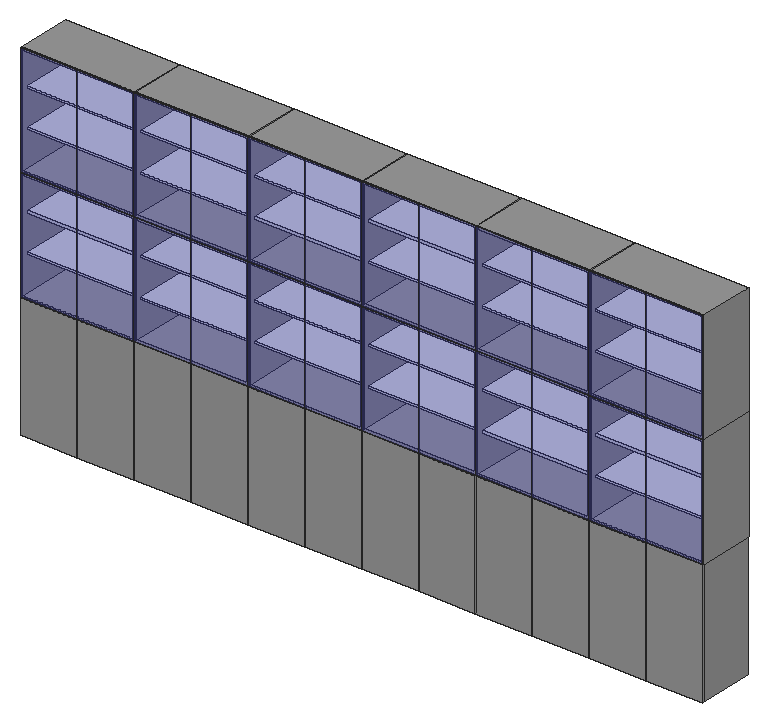
Revit family "АВЛН_Модульный шкаф", category Мебель, Revit 2019
Family settings
  Номер OmniClass = 23.40.20.00
  Заголовок OmniClass = General Furniture and Specialties
  На основе рабочей плоскости = Нет
  Всегда вертикально = Да
  При загрузке вырезать с полостями = Нет
  Общий = Нет
  Точка расчета площади = Нет
Parameters (values of type "Модульный шкаф трехярусный 5292х430х2689мм")
  Трех ярусный = yes
  Описание = "Модульный шкаф трехярусный; габ.\r\n5292х430х2689мм:\r\nсекция верхняя остекленная; габ. 880х430х865мм.-10\r\nшт.\r\nсекция верхняя закрытая; габ. 880х430х865мм.-2 шт.\r\nсекция нижняя для таблиц; габ. 880х430х955мм.-2 шт\r\nсекция нижняя с ящиками; габ. 880х430х955мм.-1\r\nшт.\r\nсекция нижняя закрытая; габ. 880х430х955мм -3 шт."
  Type Comments = ""
  Keynote = ""
  Изготовитель = "УП «СВ КЛАСС»"
  Группа модели = "Оборудование основных помещений школы"  # constant formula
  ADSK_Размер_Ширина = 430 mm
  ADSK_Размер_Длина = 5280 mm
  ADSK_Размер_Высота = 2689 mm
  ADSK_Обозначение = "ГОСТ 18666-95"
  ADSK_Масса = 0
  ADSK_Код изделия = ""
  ADSK_Единица измерения = "компл."
Types (3, lengths in mm): name | Трех ярусный | Описание | ADSK_Размер_Длина | ADSK_Размер_Высота
  (no name) | yes | "Модульный шкаф трехярусный; габ.\r\n5292х430х2689мм:\r\nсекция верхняя остекленная; габ. 880х430х865мм.-10\r\nшт.\r\nсекция верхняя закрытая; габ. 880х430х865мм.-2 шт.\r\nсекция нижняя для таблиц; габ. 880х430х955мм.-2 шт\r\nсекция нижняя с ящиками; габ. 880х430х955мм.-1\r\nшт.\r\nсекция нижняя закрытая; габ. 880х430х955мм -3 шт." | 5280 | 2689
  Модульный шкаф трехярусный 5292х430х2689мм | yes | "Модульный шкаф трехярусный; габ.\r\n5292х430х2689мм:\r\nсекция верхняя остекленная; габ. 880х430х865мм.-10\r\nшт.\r\nсекция верхняя закрытая; габ. 880х430х865мм.-2 шт.\r\nсекция нижняя для таблиц; габ. 880х430х955мм.-2 шт\r\nсекция нижняя с ящиками; габ. 880х430х955мм.-1\r\nшт.\r\nсекция нижняя закрытая; габ. 880х430х955мм -3 шт." | 5280 | 2689
  Модульный шкаф двухярусный габ.2640х430х1824мм | no | "Модульный шкаф двухярусный; габ.\r\n2640х430х1824мм:\r\nсекция верхняя остекленная; габ. 880х430х865мм.-1\r\nшт.\r\nсекция верхняя закрытая; габ. 880х430х865мм.-2 шт.\r\nсекция нижняя для таблиц; габ. 880х430х955мм.-1\r\nшт.\r\nсекция нижняя с ящиками; габ. 880х430х955мм.-1\r\nшт.\r\nсекция нижняя закрытая; габ. 880х430х955мм -1 шт." | 2640 | 1824
Reference planes
  plane 1 "По центру (Вперед/Назад)": y = 0
  plane 2: z = 0
  plane 3 "По центру (Влево/Вправо)": x = 0
  plane 4: z = 2689
  plane 5: y = 215
  plane 6: x = 2640
  plane 7: x = -2640
  plane 8: y = -215
Dimensions and locks
  plane 2 to plane 4 = 2689 mm
  equal spacing: plane 8, plane 1 "По центру (Вперед/Назад)", plane 5
  equal spacing: plane 7, plane 3 "По центру (Влево/Вправо)", plane 6
  "ADSK_Размер_Длина": plane 7 to plane 6
  "ADSK_Размер_Ширина": plane 5 to plane 8
  "ADSK_Размер_Высота": plane 2 to plane 4
  aligned and locked: level to plane 2
  aligned and locked: plane 5 to nested 1
  aligned and locked: nested 1 to plane 7
  aligned and locked: nested 2 to level
  aligned and locked: nested 2 to nested 1
  aligned and locked: nested 3 to level
  aligned and locked: nested 3 to nested 2
  aligned and locked: nested 4 to level
  aligned and locked: nested 4 to nested 3
  aligned and locked: nested 5 to level
  aligned and locked: nested 5 to nested 4
  aligned and locked: level to nested 6
  aligned and locked: nested 6 to nested 5
  aligned and locked: plane 5 to nested 2
  aligned and locked: plane 5 to nested 3
  aligned and locked: nested 4 to plane 5
  aligned and locked: nested 5 to plane 5
  aligned and locked: nested 6 to plane 5
  aligned and locked: nested 8 to nested 7
  aligned and locked: nested 9 to nested 8
  aligned and locked: nested 10 to nested 9
  aligned and locked: nested 11 to nested 10
  aligned and locked: nested 12 to nested 11
  aligned and locked: nested 6 to nested 12
  aligned and locked: nested 11 to nested 5
  aligned and locked: nested 10 to nested 4
  aligned and locked: nested 7 to nested 1
  aligned and locked: nested 9 to nested 3
  aligned and locked: nested 2 to nested 8
  aligned and locked: nested 14 to nested 13
  aligned and locked: nested 15 to nested 14
  aligned and locked: nested 16 to nested 15
  aligned and locked: nested 17 to nested 16
  aligned and locked: nested 18 to nested 17
  aligned and locked: nested 18 to nested 12
  aligned and locked: nested 17 to nested 11
  aligned and locked: nested 16 to nested 10
  aligned and locked: nested 15 to nested 9
  aligned and locked: nested 14 to nested 8
  aligned and locked: nested 13 to nested 7
  aligned and locked: nested 7 to plane 7
  aligned and locked: nested 13 to plane 7
Nested families
  nested 1: "Шкафы" at (-2200, 0, 0) x (-1, 0, 0) z (0, 0, 1), type "Шкафы"
    with М.основы Деревянная обшивка, ДСП, М.дверей Деревянная обшивка, ДСП, ADSK_Размер_Ширина 430 mm, ADSK_Размер_Длина 880 mm, ADSK_Размер_Высота 955 mm
  nested 2: "Шкафы" at (-1320, 0, 0) x (-1, 0, 0) z (0, 0, 1), type "Шкафы"
    with М.основы Деревянная обшивка, ДСП, М.дверей Деревянная обшивка, ДСП, ADSK_Размер_Ширина 430 mm, ADSK_Размер_Длина 880 mm, ADSK_Размер_Высота 955 mm
  nested 3: "Шкафы" at (-440, 0, 0) x (-1, 0, 0) z (0, 0, 1), type "Шкафы"
    with М.основы Деревянная обшивка, ДСП, М.дверей Деревянная обшивка, ДСП, ADSK_Размер_Ширина 430 mm, ADSK_Размер_Длина 880 mm, ADSK_Размер_Высота 955 mm
  nested 4: "Шкафы" at (440, 0, 0) x (-1, 0, 0) z (0, 0, 1), visible <- "Трех ярусный", type "Шкафы"
    with М.основы Деревянная обшивка, ДСП, М.дверей Деревянная обшивка, ДСП, ADSK_Размер_Ширина 430 mm, ADSK_Размер_Длина 880 mm, ADSK_Размер_Высота 955 mm
  nested 5: "Шкафы" at (1320, 0, 0) x (-1, 0, 0) z (0, 0, 1), visible <- "Трех ярусный", type "Шкафы"
    with М.основы Деревянная обшивка, ДСП, М.дверей Деревянная обшивка, ДСП, ADSK_Размер_Ширина 430 mm, ADSK_Размер_Длина 880 mm, ADSK_Размер_Высота 955 mm
  nested 6: "Шкафы" at (2200, 0, 0) x (-1, 0, 0) z (0, 0, 1), visible <- "Трех ярусный", type "Шкафы"
    with М.основы Деревянная обшивка, ДСП, М.дверей Деревянная обшивка, ДСП, ADSK_Размер_Ширина 430 mm, ADSK_Размер_Длина 880 mm, ADSK_Размер_Высота 955 mm
  nested 7: "Шкафы" at (-2200, 0, 955) x (-1, 0, 0) z (0, 0, 1), type "Шкафы"
    with Полки видимость yes, М.основы Деревянная обшивка, ДСП, М.дверей Стекло, Дверцы yes, ADSK_Размер_Ширина 430 mm, ADSK_Размер_Длина 880 mm, ADSK_Размер_Высота 865 mm, 2 отделения no
  nested 8: "Шкафы" at (-1320, 0, 955) x (-1, 0, 0) z (0, 0, 1), type "Шкафы"
    with Полки видимость yes, М.основы Деревянная обшивка, ДСП, М.дверей Стекло, Дверцы yes, ADSK_Размер_Ширина 430 mm, ADSK_Размер_Длина 880 mm, ADSK_Размер_Высота 865 mm, 2 отделения no
  nested 9: "Шкафы" at (-440, 0, 955) x (-1, 0, 0) z (0, 0, 1), type "Шкафы"
    with Полки видимость yes, М.основы Деревянная обшивка, ДСП, М.дверей Стекло, Дверцы yes, ADSK_Размер_Ширина 430 mm, ADSK_Размер_Длина 880 mm, ADSK_Размер_Высота 865 mm, 2 отделения no
  nested 10: "Шкафы" at (440, 0, 955) x (-1, 0, 0) z (0, 0, 1), visible <- "Трех ярусный", type "Шкафы"
    with Полки видимость yes, М.основы Деревянная обшивка, ДСП, М.дверей Стекло, Дверцы yes, ADSK_Размер_Ширина 430 mm, ADSK_Размер_Длина 880 mm, ADSK_Размер_Высота 865 mm, 2 отделения no
  nested 11: "Шкафы" at (1320, 0, 955) x (-1, 0, 0) z (0, 0, 1), visible <- "Трех ярусный", type "Шкафы"
    with Полки видимость yes, М.основы Деревянная обшивка, ДСП, М.дверей Стекло, Дверцы yes, ADSK_Размер_Ширина 430 mm, ADSK_Размер_Длина 880 mm, ADSK_Размер_Высота 865 mm, 2 отделения no
  nested 12: "Шкафы" at (2200, 0, 955) x (-1, 0, 0) z (0, 0, 1), visible <- "Трех ярусный", type "Шкафы"
    with Полки видимость yes, М.основы Деревянная обшивка, ДСП, М.дверей Стекло, Дверцы yes, ADSK_Размер_Ширина 430 mm, ADSK_Размер_Длина 880 mm, ADSK_Размер_Высота 865 mm, 2 отделения no
  nested 13: "Шкафы" at (-2200, 0, 1820) x (-1, 0, 0) z (0, 0, 1), visible <- "Трех ярусный", type "Шкафы"
    with Полки видимость yes, М.основы Деревянная обшивка, ДСП, М.дверей Стекло, Дверцы yes, ADSK_Размер_Ширина 430 mm, ADSK_Размер_Длина 880 mm, ADSK_Размер_Высота 865 mm, 2 отделения no
  nested 14: "Шкафы" at (-1320, 0, 1820) x (-1, 0, 0) z (0, 0, 1), visible <- "Трех ярусный", type "Шкафы"
    with Полки видимость yes, М.основы Деревянная обшивка, ДСП, М.дверей Стекло, Дверцы yes, ADSK_Размер_Ширина 430 mm, ADSK_Размер_Длина 880 mm, ADSK_Размер_Высота 865 mm, 2 отделения no
  nested 15: "Шкафы" at (-440, 0, 1820) x (-1, 0, 0) z (0, 0, 1), visible <- "Трех ярусный", type "Шкафы"
    with Полки видимость yes, М.основы Деревянная обшивка, ДСП, М.дверей Стекло, Дверцы yes, ADSK_Размер_Ширина 430 mm, ADSK_Размер_Длина 880 mm, ADSK_Размер_Высота 865 mm, 2 отделения no
  nested 16: "Шкафы" at (440, 0, 1820) x (-1, 0, 0) z (0, 0, 1), visible <- "Трех ярусный", type "Шкафы"
    with Полки видимость yes, М.основы Деревянная обшивка, ДСП, М.дверей Стекло, Дверцы yes, ADSK_Размер_Ширина 430 mm, ADSK_Размер_Длина 880 mm, ADSK_Размер_Высота 865 mm, 2 отделения no
  nested 17: "Шкафы" at (1320, 0, 1820) x (-1, 0, 0) z (0, 0, 1), visible <- "Трех ярусный", type "Шкафы"
    with Полки видимость yes, М.основы Деревянная обшивка, ДСП, М.дверей Стекло, Дверцы yes, ADSK_Размер_Ширина 430 mm, ADSK_Размер_Длина 880 mm, ADSK_Размер_Высота 865 mm, 2 отделения no
  nested 18: "Шкафы" at (2200, 0, 1820) x (-1, 0, 0) z (0, 0, 1), visible <- "Трех ярусный", type "Шкафы"
    with Полки видимость yes, М.основы Деревянная обшивка, ДСП, М.дверей Стекло, Дверцы yes, ADSK_Размер_Ширина 430 mm, ADSK_Размер_Длина 880 mm, ADSK_Размер_Высота 865 mm, 2 отделения no
Definition of nested family "Шкафы"
  Parameters (values of type "Шкафы")
    Полки видимость [instance] = no
    Description = "Шкаф гардеробный на 2 отделения;\r\nгаб.500х600х1850мм"
    М.основы [instance] = none
    М.дверей [instance] = none
    Type Comments = ""
    Keynote = ""
    Manufacturer = ""
    Дверцы [instance] = yes
    Model = "Оборудование основных помещений школы"
    ADSK_Размер_Ширина [instance] = 500 mm
    ADSK_Размер_Длина [instance] = 600 mm
    ADSK_Размер_Высота [instance] = 1850 mm
    ADSK_Обозначение = ""
    ADSK_Масса = 0
    ADSK_Код изделия = "Россия"
    ADSK_Единица измерения = "шт"  # constant formula
    2 отделения [instance] = no
  Reference planes
    plane 1 "По центру (Вперед/Назад)": y = 0
    plane 2: z = 0
    plane 3 "По центру (Влево/Вправо)": x = 0
    plane 4: z = 1850
    plane 5: y = 250
    plane 6: x = 300
    plane 7: x = -300
    plane 8: y = -250
    plane 9: z = 1233.333
    plane 10: z = 616.667
  Forms (mm)
    Sweep 1, solid, material <- "М.основы"
      path origin (0, 0, 0) x (1, 0, 0) y (0, 0, 1)
        loop
          line (-300, 0) -> (300, 0) -> (300, 1850) -> (-300, 1850) -> (-300, 0)
      profile origin (0, 0, 0) x (0, 0, 1) y (0, -1, 0)
        loop
          line (0, -250) -> (15, -250) -> (15, 250) -> (0, 250) -> (0, -250)
    Extrusion 2, solid, material <- "М.основы"
      sketch origin (0, 0, 0) x (0, 1, 0) y (0, 0, 1)
        loop
          line (-250, 1835) -> (-250, 15) -> (-240, 15) -> (-240, 1835) -> (-250, 1835)
      from -285 to 285
    Extrusion 3, solid, material <- "М.основы", visible <- "2 отделения"
      sketch origin (0, 0, 0) x (1, 0, 0) y (0, 0, 1)
        loop
          line (7.5, 1835) -> (-7.5, 1835) -> (-7.5, 15) -> (7.5, 15) -> (7.5, 1835)
      from -250 to 240
    Extrusion 4, solid, material <- "М.дверей", visible <- "Дверцы"
      sketch origin (0, 500, 0) x (0, 1, 0) y (0, 0, 1)
        loop
          line (-250, 1850) -> (-250, 0) -> (-240, 0) -> (-240, 1850) -> (-250, 1850)
      from 0 to 300
    Extrusion 5, solid, material <- "М.дверей", visible <- "Дверцы"
      sketch origin (-920, 500, 0) x (0, 1, 0) y (0, 0, 1)
        loop
          line (-250, 1850) -> (-250, 0) -> (-240, 0) -> (-240, 1850) -> (-250, 1850)
      from 620 to 920
    Extrusion 6, solid, visible <- "Полки видимость"
      sketch origin (0, 0, 0) x (1, 0, 0) y (0, 0, 1)
        loop
          line (-285, 1233.333) -> (285, 1233.333) -> (285, 1248.333) -> (-285, 1248.333) -> (-285, 1233.333)
        loop
          line (-285, 616.667) -> (285, 616.667) -> (285, 631.667) -> (-285, 631.667) -> (-285, 616.667)
      from -219.918 to 240
  Dimensions and locks
    plane 2 to plane 4 = 1850 mm
    equal spacing: plane 8, plane 1 "По центру (Вперед/Назад)", plane 5
    equal spacing: plane 7, plane 3 "По центру (Влево/Вправо)", plane 6
    "ADSK_Размер_Длина": plane 7 to plane 6
    "ADSK_Размер_Ширина": plane 5 to plane 8
    "ADSK_Размер_Высота": plane 2 to plane 4
    locked: Extrusion 2 sketch curve to plane 8 at 10
    locked: Sweep 1 sketch curve to Sweep 1 sketch curve at 15
    equal spacing: plane 6, plane 3 "По центру (Влево/Вправо)", plane 7
    equal spacing: Extrusion 3 sketch curve, plane 3 "По центру (Влево/Вправо)", Extrusion 3 sketch curve, locked at 7.5 each
    equal spacing: plane 4, plane 9, plane 10, plane 2
    locked: Extrusion 6 sketch curve to plane 9 at 15
    locked: Extrusion 6 sketch curve to Extrusion 6 sketch curve at 15
    locked: plane 5 to Extrusion 6 at 30.082
    aligned and locked: level to plane 2
    aligned and locked: Sweep 1 sketch curve to level
    aligned and locked: Sweep 1 sketch curve to plane 7
    aligned and locked: Sweep 1 sketch curve to plane 4
    aligned and locked: plane 6 to Sweep 1 sketch curve
    aligned and locked: Sweep 1 sketch curve to profile plane
    aligned and locked: plane 5 to Sweep 1 sketch curve
    aligned and locked: Sweep 1 sketch curve to plane 8
    aligned and locked: Extrusion 2 sketch curve to Sweep 1  (x2)
    aligned and locked: Extrusion 2 sketch curve to plane 8
    aligned and locked: Extrusion 2 to Sweep 1  (x2)
    aligned and locked: Extrusion 3 sketch curve to Sweep 1  (x2)
    aligned and locked: Extrusion 3 to Sweep 1  (x2)
    aligned and locked: Sweep 1 to Extrusion 3
    aligned and locked: Extrusion 3 to Extrusion 2
    aligned and locked: Extrusion 4 to level
    aligned and locked: Extrusion 4 to plane 4
    aligned and locked: Extrusion 4 to plane 5
    aligned and locked: Extrusion 4 to plane 3 "По центру (Влево/Вправо)"
    aligned and locked: Extrusion 5 to level
    aligned and locked: Extrusion 5 to plane 4
    aligned and locked: plane 3 "По центру (Влево/Вправо)" to Extrusion 5
    aligned and locked: plane 6 to Extrusion 4
    aligned and locked: Extrusion 5 to plane 7
    aligned and locked: Extrusion 6 sketch curve to plane 10
    aligned and locked: Extrusion 6 sketch curve to Sweep 1  (x2)
    aligned and locked: Extrusion 6 to Extrusion 2
  Automatic sketch dimensions
    Extrusion 3 sketch curve to plane 3 "По центру (Влево/Вправо)" = 7.5 mm
    Extrusion 4 sketch curve to level = 0 mm
    Extrusion 4 sketch curve to plane 5 = 0 mm
    plane 4 to Extrusion 4 sketch curve = 0 mm
    Extrusion 4 sketch curve to Extrusion 4 sketch curve = 10 mm
    Extrusion 5 sketch curve to level = 0 mm
    Extrusion 5 sketch curve to plane 5 = 0 mm
    Extrusion 5 sketch curve to plane 4 = 0 mm
    plane 5 to Extrusion 5 sketch curve = 10 mm
    Extrusion 6 sketch curve to plane 9 = 0 mm
    plane 7 to Extrusion 6 sketch curve = 15 mm
    Extrusion 6 sketch curve to plane 6 = 15 mm
